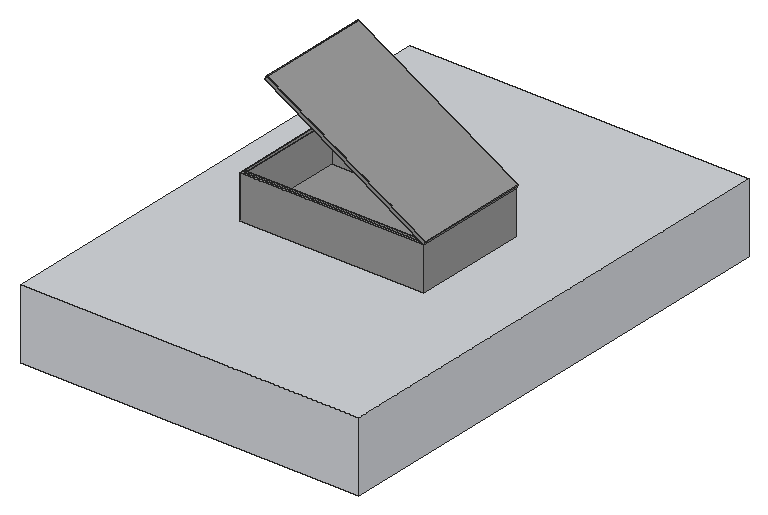
Revit family "Hager-Univers-IP44-D205-H500-Cl.II-Encl-AT-de", category Equipement électrique, Revit 2020
Family settings
  Hôte = Face
  Configuration du panneau = Deux colonnes, circuits au sein
  Cote de connecteur circulaire = Utiliser le diamètre
  Type d'élément = Tableau de raccordement
  Couper avec des vides une fois chargée = Non
  Partagée = Non
  Point de calcul de pièce = Non
Parameters (values of type "Aufputz IP44 B800 H500 T205  - FP33SN2")
  Width Control [instance] = if([EF000008 - Breite] > Min Width, [EF000008 - Breite], Min Width)  # 800 mm
  Commentaires du type = [HG000003 - Bereich]  # "Univers"
  Thickness Door [instance] = if([EF009171 - Materialstärke Tür/Deckel] > 3 mm, 3 mm, [EF009171 - Materialstärke Tür/Deckel])  # 1 mm
  Seal Frame Offset [instance] = 17 mm  # constant formula
  Plinth Visibility [instance] = [HG000027 - Sockelhöhe] > 0 mm  # no
  Model = ""
  Min Width [instance] = 100 mm  # constant formula
  Min Height [instance] = 100 mm  # constant formula
  Min Depth [instance] = (2 * [EF009170 - Materialstärke Gehäuse]) + 1 mm  # 3 mm
  Internal Frame Depth [instance] = (Door System Depth * 0.5)  # 9 mm
  Height Control [instance] = if([EF000040 - Höhe] > Min Height, [EF000040 - Höhe], Min Height)  # 500 mm
  HG000027 - Sockelhöhe = 0 mm
  HG000026 - Stehend auf dem Boden = no
  HG000024 - Höhe des unteren Teils = 800 mm
  HG000023 - Gehäuse mit doppeltem Querschnitt = no
  HG000016 - 3D-Türsichtbarkeit [instance] = yes
  HG000015 - Sichtbarkeit der Türöffnung [instance] = no
  HG000014 - Tür rechts [instance] = yes
  HG000013 - Tür links [instance] = not([HG000014 - Tür rechts])  # no
  HG000012 - Türschwenkwinkel [instance] = 30.00°
  HG000010 - Asymmetrische Türen = no
  HG000009 - Doppelflügeligen Tür = no
  HG000006 - Unterputz = no
  HG000004 - Herstellerreferenz = "FP33SN2"
  HG000003 - Bereich = "Univers"
  HG000002 - Mit tür = yes
  Frame Offset Bottom [instance] = 10 mm  # constant formula
  Frame Offset [instance] = 15 mm  # constant formula
  EF015940 - Deckel mit Überdruckentlastung = no
  EF011959 - Schutzart (NEMA) = ""
  EF009554 - Anzahl der Öffnungen für Flanschplatten = 6
  Fabricant = "Hager"  # constant formula
  EF009212 - Ausführung Deckel = "EV000116 - geschlossen"
  EF009171 - Materialstärke Tür/Deckel = 1 mm
  EF009170 - Materialstärke Gehäuse = 1 mm
  EF008873 - Nennstrom (In) = 250 A
  EF007800 - Geeignet für Blitzschutz = no
  EF006306 - Mit Schloss = no
  EF006244 - Transparenter Deckel/Tür = no
  EF005474 - Schutzart (IP) = "EV006418 - IP44"
  EF004464 - Art der Tür = "EV002646 - Einzel"
  EF004427 - Anzahl der Module = 108
  EF004293 - Schlagfestigkeit = "EV006815 - IK09"
  EF003532 - Geeignet für Außengebrauch = no
  EF002950 - Breite in Teilungseinheiten = 36
  EF001613 - Funktionserhalt = "EV000494 - ohne"
  EF001596 - Werkstoff des Gehäuses = "EV000179 - Stahl"
  EF001131 - Innentiefe = 143 mm
  EF001088 - Anbaumöglichkeit = yes
  EF000437 - Anzahl der Leitungseinführungen = 6
  EF000339 - Art der Abdeckung = "EV001012 - Deckel"
  EF000266 - Anzahl der Reihen = 3
  EF000218 - Einbautiefe = 205 mm
  EF000118 - Mit Montageplatte = no
  EF000116 - RAL-Nummer = "9010"
  EF000049 - Tiefe = 205 mm
  EF000040 - Höhe = 500 mm
  EF000008 - Breite = 800 mm
  EF000007 - Farbe = "EV000202 - weiß"
  EF000003 - Montageart = "EV000384 - Aufputz"
  Door System Leaf Tolerance [instance] = 1.5 mm  # constant formula
  Door System Depth [instance] = 18 mm  # constant formula
  Door Height [instance] = Height Control - [HG000027 - Sockelhöhe]  # 500 mm
  Depth Control [instance] = if([EF000049 - Tiefe] > Min Depth, [EF000049 - Tiefe], Min Depth)  # 205 mm
  Default Elevation = 0 mm
  Connector Offset [instance] = Height Control / 2  # 250 mm
  Bottom Top Plate Trim [instance] = 1.5 mm  # constant formula
  Plinth height Ctrl [instance] = if([HG000027 - Sockelhöhe] > 0 mm, [HG000027 - Sockelhöhe], 12 mm)  # 12 mm
Types (5, lengths in mm): name | Width Control | HG000010 - Asymmetrische Türen | HG000009 - Doppelflügeligen Tür | HG000004 - Herstellerreferenz | EF009554 - Anzahl der Öffnungen für Flanschplatten | EF004464 - Art der Tür | EF004427 - Anzahl der Module | EF002950 - Breite in Teilungseinheiten | EF000437 - Anzahl der Leitungseinführungen | EF000008 - Breite
  Aufputz IP44 B1050 H500 T205  - FP34SN2 | 1050 | no | yes | "FP34SN2" | 8 | "EV003602 - Doppel" | 144 | 48 | 8 | 1050
  Aufputz IP44 B1300 H500 T205  - FP35SN2 | 1300 | yes | yes | "FP35SN2" | 10 | "EV003602 - Doppel" | 180 | 60 | 10 | 1300
  Aufputz IP44 B300 H500 T205  - FP31SN2 | 300 | no | no | "FP31SN2" | 2 | "EV002646 - Einzel" | 36 | 12 | 2 | 300
  Aufputz IP44 B550 H500 T205  - FP32SN2 | 550 | no | no | "FP32SN2" | 4 | "EV002646 - Einzel" | 72 | 24 | 4 | 550
  Aufputz IP44 B800 H500 T205  - FP33SN2 | 800 | no | no | "FP33SN2" | 6 | "EV002646 - Einzel" | 108 | 36 | 6 | 800
Reference planes
  plane 1 "Center (Front/Back)": y = 0
  plane 2: z = 0
  plane 3 "Center (Left/Right)": x = 0
  plane 4: z = 205
  plane 5: y = 1
  plane 6: y = 250
  plane 7: y = 0
  plane 8: y = 500
  plane 9: z = 0
  plane 10: x = -385
  plane 11: x = 385
  plane 12: x = 384
  plane 13: x = -384
  plane 14: y = 499
  plane 15: x = -383
  plane 16: x = -400
  plane 17: x = 383
  plane 18: x = 400
  plane 19: x = 399
  plane 20: x = -399
  plane 21: y = 11
  plane 22: y = 500
  plane 23: y = 484
  plane 24: z = 187
  plane 25: z = 1
  plane 26: z = 186
  plane 27: z = 204
Forms (mm)
  Extrusion 1, solid
    sketch origin (0, 0, 0) x (1, 0, 0) y (0, 1, 0)
      loop
        line (-702.964, 1305) -> (-702.964, -811.445) -> (766.763, -811.445) -> (766.763, 1305) -> (-702.964, 1305)
    from 0 to -304.8
  Extrusion 2, solid, material "Hager_Steel_RAL7035_Light_Grey", visible <- "Plinth Visibility", detail levels medium+fine
    sketch origin (0, 0, 0) x (1, 0, 0) y (0, 1, 0)
      loop
        line (-400, 0) -> (400, 0) -> (400, 12) -> (-400, 12) -> (-400, 0)
    from 0 to 187
  Extrusion 3, solid, material "Hager_Steel_RAL7035_Light_Grey", detail levels medium+fine
    sketch origin (0, 0, 0) x (1, 0, 0) y (0, 1, 0)
      loop
        line (-400, 0) -> (400, 0) -> (400, 500) -> (-400, 500) -> (-400, 0)
    from 0 to 187
  Extrusion 4, void
    sketch origin (0, 0, 0) x (1, 0, 0) y (0, 1, 0)
      loop
        line (-399, 1) -> (399, 1) -> (399, 499) -> (-399, 499) -> (-399, 1)
    from 1 to 186
  Extrusion 5, void
    sketch origin (-381.607, -4572, 187) x (0, -1, 0) y (-1, 0, 0)
      loop
        line (-4583, 2.393) -> (-5056, 2.393) -> (-5056, -765.607) -> (-4583, -765.607) -> (-4583, 2.393)
    from 0 to 1 <- "EF009170 - Materialstärke Gehäuse"
  Extrusion 6, solid, material "Hager_Steel_RAL7035_Light_Grey", detail levels fine
    sketch origin (0, 0, 187) x (1, 0, 0) y (0, 1, 0)
      loop
        line (-384, 484) -> (-384, 11) -> (384, 11) -> (384, 484) -> (-384, 484)
      loop
        line (-385, 10) -> (385, 10) -> (385, 485) -> (-385, 485) -> (-385, 10)
    from 0 to 9 <- "Internal Frame Depth"
  Extrusion 7, solid, material "Hager_Steel_RAL7035_Light_Grey", detail levels coarse
    sketch origin (0, 0, 0) x (1, 0, 0) y (0, 1, 0)
      loop
        line (-400, 0) -> (400, 0) -> (400, 500) -> (-400, 500) -> (-400, 0)
    from 0 to 205
  Sweep 8, void
    path in 3D
      loop
        line (-400, 12, 0) -> (400, 12, 0) -> (400, 12, 187) -> (-400, 12, 187) -> (-400, 12, 0)
    profile origin (-400, 12, 93.5) x (-1, 0, 0) y (0, -1, 0)
      loop
        line (0, 0) -> (0, 1.5) -> (-1.5, 1.5)
        arc (-1.5, 1.5) -> (-1.061, 0.439) -> (0, 0) r 1.5
Cuts and joins
  Extrusion 4, Extrusion 5 cuts Extrusion 3
  Sweep 8 cuts Extrusion 2
Lines and regions (mm)
  Masking region 1
    outline origin (0, 0, 0) x (1, 0, 0) y (0, 0, 1)
      loop
        line (-400, 205) -> (-400, 0) -> (400, 0) -> (400, 205) -> (-400, 205)
  Masking region 2, detail levels medium+fine
    outline origin (0, 140, 0) x (0, 1, 0) y (0, 0, 1)
      loop
        line (-140, 0) -> (360, 0) -> (360, 187) -> (-140, 187) -> (-140, 0)
  Masking region 3, not visible, detail levels medium+fine
    outline origin (0, 297.922, 0) x (0, 1, 0) y (0, 0, 1)
      loop
        line (-36.422, 0) -> (3.578, 0) -> (3.578, 194)
        arc (3.578, 194) -> (0.649, 201.071) -> (-6.422, 204) r 10
        line (-6.422, 204) -> (-36.422, 204) -> (-36.422, 0)
  Masking region 4, detail levels coarse
    outline origin (0, 0, 180) x (0, 1, 0) y (0, 0, 1)
      loop
        line (0, -180) -> (500, -180) -> (500, 25) -> (0, 25) -> (0, -180)
  Masking region 5, visible <- "Plinth Visibility", detail levels medium+fine
    outline origin (0, 52.24, 12.345) x (0, 0, -1) y (0, 1, 0)
      loop
        line (10.845, -40.24) -> (-173.155, -40.24)
        arc (-173.155, -40.24) -> (-173.594, -41.301) -> (-174.655, -41.74) r 1.5
        line (-174.655, -41.74) -> (-174.655, -52.24) -> (12.345, -52.24) -> (12.345, -41.74)
        arc (12.345, -41.74) -> (11.285, -41.301) -> (10.845, -40.24) r 1.5
  Masking region 6, detail levels medium+fine
    outline origin (-381.607, -4572, 187) x (-1, 0, 0) y (0, -1, 0)
      loop
        line (18.393, -5072) -> (18.393, -4572) -> (-781.607, -4572) -> (-781.607, -5072) -> (18.393, -5072)
  Masking region 7, visible <- "Plinth Visibility", detail levels medium+fine
    outline origin (-381.607, -4727, 187) x (-1, 0, 0) y (0, -1, 0)
      loop
        arc (16.893, -4739) -> (17.332, -4737.939) -> (18.393, -4737.5) r 1.5
        line (18.393, -4737.5) -> (18.393, -4727) -> (-781.607, -4727) -> (-781.607, -4737.5)
        arc (-781.607, -4737.5) -> (-780.546, -4737.939) -> (-780.107, -4739) r 1.5
        line (-780.107, -4739) -> (16.893, -4739)
  Masking region 8, detail levels coarse
    outline origin (-442.548, -4669.526, 187) x (-1, 0, 0) y (0, -1, 0)
      loop
        line (-42.548, -5169.526) -> (-42.548, -4669.526) -> (-842.548, -4669.526) -> (-842.548, -5169.526) -> (-42.548, -5169.526)
  sketch lines
    curve 1: line (-400, 12, 187) -> (-400, 12, 0)
    curve 2: line (400, 12, 187) -> (-400, 12, 187)
    curve 3: line (400, 12, 187) -> (400, 12, 0)
    curve 4: line (-400, 12, 0) -> (400, 12, 0)
Dimensions and locks
  "Depth Control": plane 4 to Extrusion 1
  "HG000027 - Sockelhöhe": plane 1 "Center (Front/Back)" to plane 7
  "EF009170 - Materialstärke Gehäuse": plane 5 to plane 7
  locked: connector elem to plane 3 "Center (Left/Right)"
  equal spacing: plane 8, plane 6, plane 7
  locked: connector elem to plane 6
  "EF009170 - Materialstärke Gehäuse": plane 8 to plane 14
  "EF009170 - Materialstärke Gehäuse": plane 10 to plane 13
  "EF009170 - Materialstärke Gehäuse": plane 12 to plane 11
  "Frame Offset": plane 20 to plane 13
  "Frame Offset": plane 12 to plane 19
  "EF009170 - Materialstärke Gehäuse": plane 16 to plane 20
  "EF009170 - Materialstärke Gehäuse": plane 19 to plane 18
  "Seal Frame Offset": plane 16 to plane 15
  "Seal Frame Offset": plane 17 to plane 18
  "Frame Offset Bottom": plane 21 to plane 5
  "Frame Offset": plane 14 to plane 23
  equal spacing: plane 16, plane 3 "Center (Left/Right)", plane 18
  "Width Control": plane 16 to plane 18
  "EF009170 - Materialstärke Gehäuse": plane 4 to plane 27
  "EF009170 - Materialstärke Gehäuse": plane 24 to plane 26
  "EF009170 - Materialstärke Gehäuse": plane 25 to level
  "Door System Depth": plane 4 to plane 24
  "Height Control": plane 1 "Center (Front/Back)" to Extrusion 7 sketch curve
  "Height Control": Masking region 4 sketch curve to plane 1 "Center (Front/Back)"
  "Height Control": plane 1 "Center (Front/Back)" to plane 22
  "Bottom Top Plate Trim": profile plane to Sweep 8 sketch curve
  "Bottom Top Plate Trim": Sweep 8 sketch curve to profile plane
  "Plinth height Ctrl": plane 1 "Center (Front/Back)" to Extrusion 2 sketch curve
  "Plinth height Ctrl": Masking region 5 sketch curve to plane 1 "Center (Front/Back)"
  "Plinth height Ctrl": plane 1 "Center (Front/Back)" to Masking region 7 sketch curve
  "Thickness Door": Extrusion 6 sketch curve to Extrusion 6 sketch curve  (x3)
  "Thickness Door": cut or joined group of Extrusion 3, Extrusion 4, Extrusion 5 to Extrusion 6 sketch curve
  radius of Masking region 3 sketch curve = 10 mm
  "Bottom Top Plate Trim": radius of Masking region 5 sketch curve  (x2)
  "Bottom Top Plate Trim": radius of Sweep 8 sketch curve
  "Bottom Top Plate Trim": radius of Masking region 7 sketch curve  (x2)
  aligned and locked: plane 2 to Extrusion 1
  aligned and locked: level to Extrusion 1
  aligned and locked: level to Masking region 1 sketch curve
  aligned and locked: Masking region 1 sketch curve to plane 18
  aligned and locked: Masking region 1 sketch curve to plane 16
  aligned and locked: plane 7 to Masking region 2 sketch curve
  aligned and locked: level to Masking region 3 sketch curve
  aligned and locked: Masking region 3 sketch curve to plane 27
  aligned and locked: level to Masking region 2 sketch curve
  aligned and locked: plane 1 "Center (Front/Back)" to Extrusion 2 sketch curve
  aligned and locked: Extrusion 3 sketch curve to plane 7
  aligned and locked: plane 16 to Extrusion 3 sketch curve
  aligned and locked: plane 18 to Extrusion 3 sketch curve
  aligned and locked: plane 20 to Extrusion 4 sketch curve
  aligned and locked: plane 19 to Extrusion 4 sketch curve
  aligned and locked: Extrusion 4 sketch curve to plane 5
  aligned and locked: Extrusion 4 to plane 25
  aligned and locked: plane 26 to Extrusion 4
  aligned and locked: plane 24 to Extrusion 3
  aligned and locked: Extrusion 5 sketch curve to plane 21
  aligned and locked: Extrusion 5 sketch curve to plane 13
  aligned and locked: Extrusion 5 sketch curve to plane 12
  aligned and locked: plane 18 to Extrusion 7 sketch curve
  aligned and locked: plane 1 "Center (Front/Back)" to Extrusion 7 sketch curve
  aligned and locked: plane 16 to Extrusion 7 sketch curve
  aligned and locked: plane 4 to Extrusion 7
  aligned and locked: Extrusion 7 to level
  aligned and locked: level to Masking region 4 sketch curve
  aligned and locked: Masking region 4 sketch curve to plane 1 "Center (Front/Back)"
  aligned and locked: Masking region 4 sketch curve to plane 4
  aligned and locked: nested 1 to level
  aligned and locked: nested 1 to plane 16
  aligned and locked: plane 8 to Extrusion 3 sketch curve
  aligned and locked: plane 23 to Extrusion 5 sketch curve
  aligned and locked: plane 14 to Extrusion 4 sketch curve
  aligned and locked: Masking region 2 sketch curve to plane 8
  aligned and locked: level to Masking region 5 sketch curve
  aligned and locked: plane 16 to Extrusion 2 sketch curve
  aligned and locked: plane 18 to Extrusion 2 sketch curve
  aligned and locked: Masking region 5 sketch curve to plane 24
  aligned and locked: Masking region 2 sketch curve to plane 24
  aligned and locked: plane 24 to Extrusion 2
  aligned and locked: profile plane to Sweep 8 sketch curve  (x2)
  aligned and locked: Masking region 6 sketch curve to plane 18
  aligned and locked: Masking region 6 sketch curve to plane 22
  aligned and locked: Masking region 6 sketch curve to plane 16
  aligned and locked: plane 8 to plane 22
  aligned and locked: Masking region 6 sketch curve to plane 7
  aligned and locked: Masking region 7 sketch curve to plane 16
  aligned and locked: Masking region 7 sketch curve to plane 1 "Center (Front/Back)"
  aligned and locked: Masking region 7 sketch curve to plane 18
  aligned and locked: Masking region 8 sketch curve to plane 1 "Center (Front/Back)"
  aligned and locked: Masking region 8 sketch curve to plane 18
  aligned and locked: Masking region 8 sketch curve to plane 22
  aligned and locked: Masking region 8 sketch curve to plane 16
  aligned and locked: nested 2 to plane 7
  aligned and locked: plane 3 "Center (Left/Right)" to nested 2
  aligned and locked: nested 2 to plane 24
  aligned and locked: Extrusion 6 sketch curve to cut or joined group of Extrusion 3, Extrusion 4, Extrusion 5  (x4)
Automatic sketch dimensions
  Extrusion 1 sketch curve to Extrusion 1 sketch curve = 1469.727 mm
  Extrusion 1 sketch curve to Extrusion 1 sketch curve = 2116.445 mm
  Masking region 1 sketch curve to plane 4 = 0 mm
  plane 6 to Masking region 3 sketch curve = 11.5 mm
  Masking region 3 sketch curve to Masking region 3 sketch curve = 30 mm
  Masking region 5 sketch curve to plane 1 "Center (Front/Back)" = 0 mm
Nested families
  nested 1: "Hager_Enclosure_Symbol" at (-400, 0, 0) x (1, 0, 0) z (0, -1, 0), Height <- "Depth Control", Width <- "Width Control", type "Hager_Enclosure_Symbol"
    with Width_Ctrl 800 mm, Width 800 mm, Height_Ctrl 205 mm, Height 205 mm, A_Width_Int 13.453 mm, A_Width 161.438 mm, A_Height_Ctrl 179.375 mm, A_Height 179.375 mm
  nested 2: "EC000058_Univers_Door" at (0, 0, 187) x (1, 0, 0) z (0, 1, 0), Leaf_Tolerance <- "Door System Leaf Tolerance", Angle <- "HG000012 - Türschwenkwinkel", Door_Depth <- "Door System Depth", Door_Left <- "HG000013 - Tür links", Transparent <- "EF006244 - Transparenter Deckel/Tür", Assymetrical <- "HG000010 - Asymmetrische Türen", Width <- "Width Control", Clearance <- "HG000015 - Sichtbarkeit der Türöffnung", Double <- "HG000009 - Doppelflügeligen Tür", 3d_Door <- "HG000016 - 3D-Türsichtbarkeit", Lock_Visibility <- "EF006306 - Mit Schloss", Width_Ctrl <- "Width Control", Door_Right <- "HG000014 - Tür rechts", Door <- "HG000002 - Mit tür", Height <- "Door Height", Thickness <- "Thickness Door", type "EC000058_Univers_Door", detail levels medium+fine
    with min_wh 3 mm, Width_Ctrl 800 mm, Width 800 mm, Transparent no, Thickness 1 mm, Seal_Material Hager_Rubber, Lock_Visibility no, Lock_Material Hager_Plastic_RAL9005_Jet_Black, Leaf_Width 800 mm, Leaf_Tolerance_External_Sides 0 mm, Leaf_Tolerance 1.5 mm, Leaf_Offset 0 mm, Leaf_Height 497 mm, Leaf_2_Width 800 mm, Leaf_2_Offset 400 mm, Leaf_1_Width 800 mm, Leaf_1_Offset 400 mm, Height_Ctrl 500 mm, Height 500 mm, Glass_Material Hager_Glass, Double_Clearance_Ctrl no, Double no, Door_Right_Ctrl yes, Door_Right yes, Door_Material Hager_Steel_RAL7035_Light_Grey, Door_Left_Ctrl no, Door_Left no, Door_Depth 18 mm, Door yes, Clearance_Material Hager_Clearance, Clearance_Depth 800 mm, Clearance_Ctrl no, Clearance no, Assymetrical no, Angle 30.00°, 3d_Door yes
Connectors
  electrical at (0, 250, 0)
    settings: on plane 9, index 1, voltage 0 V, apparent load 0 VA, apparent load phase1 0 VA, apparent load phase2 0 VA, apparent load phase3 0 VA, power factor 1, load classification "Other", number of poles 1, system type 30, power factor state 1, is connector primary yes, connector utility no, sub classification motor no, connector description ""
Definition of nested family "EC000058_Univers_Door"
  Parameters (values of type "EC000058_Univers_Door")
    min_wh [instance] = (2 * Thickness) + 1 mm  # 11 mm
    Width_Ctrl [instance] = 400 mm
    Width [instance] = 500 mm
    Transparent [instance] = yes
    Thickness [instance] = 5 mm
    Seal_Material [instance] = none
    Lock_Visibility [instance] = yes
    Lock_Material [instance] = none
    Leaf_Width [instance] = if((Width_Ctrl - 2 * Leaf_Tolerance_External_Sides) > 0 mm, (Width_Ctrl - 2 * Leaf_Tolerance_External_Sides), min_wh)  # 400 mm
    Leaf_Tolerance_External_Sides [instance] = 0 mm  # constant formula
    Leaf_Tolerance [instance] = 1.5 mm
    Leaf_Offset [instance] = 0 mm  # constant formula
    Leaf_Height [instance] = if((Height_Ctrl - 2 * Leaf_Tolerance) > 0 mm, (Height_Ctrl - 2 * Leaf_Tolerance), min_wh)  # 497 mm
    Leaf_2_Width [instance] = if(and(and(Double, Assymetrical), Door_Left), (Leaf_Width / 3) - (Leaf_Tolerance / 2), if(and(and(Double, Assymetrical), Door_Right), (Leaf_Width / 3) * 2 - (Leaf_Tolerance / 2), if(and(Double, not(Assymetrical)), (Leaf_Width / 2) - Leaf_Tolerance, Leaf_Width)))  # 400 mm
    Leaf_2_Offset [instance] = if(and(Double, Assymetrical), Leaf_2_Width / 2, if(and(Double, not(Assymetrical)), Leaf_Width / 4, Leaf_Width / 2))  # 200 mm
    Leaf_1_Width [instance] = if(and(and(Double, Assymetrical), Door_Right), (Leaf_Width / 3) - (Leaf_Tolerance / 2), if(and(and(Double, Assymetrical), Door_Left), (Width / 3) * 2 - (Leaf_Tolerance / 2), if(and(Double, not(Assymetrical)), (Leaf_Width / 2) - Leaf_Tolerance, Leaf_Width)))  # 400 mm
    Leaf_1_Offset [instance] = if(and(Double, Assymetrical), Leaf_1_Width / 2, if(and(Double, not(Assymetrical)), Leaf_Width / 4, Leaf_Width / 2))  # 200 mm
    Height_Ctrl [instance] = if(Height > min_wh, Height, min_wh)  # 500 mm
    Height [instance] = 500 mm
    Glass_Material [instance] = none
    Double_Clearance_Ctrl [instance] = and(Double, Clearance)  # no
    Double [instance] = no
    Door_Right_Ctrl [instance] = and(or(Door_Right, Double), Door)  # yes
    Door_Right [instance] = yes
    Door_Material [instance] = none
    Door_Left_Ctrl [instance] = and(or(Door_Left, Double), Door)  # no
    Door_Left [instance] = no
    Door_Depth [instance] = 30 mm
    Door [instance] = yes
    Default Elevation = 1219.2 mm
    Clearance_Material [instance] = none
    Clearance_Depth [instance] = if(Leaf_1_Width > Leaf_2_Width, Leaf_1_Width, Leaf_2_Width)  # 400 mm
    Clearance_Ctrl [instance] = and(not(Double), Clearance)  # yes
    Clearance [instance] = yes
    Assymetrical [instance] = yes
    Angle [instance] = 30.00°
    3d_Door [instance] = yes
  Reference planes
    plane 1 "Center (Front/Back)": y = 0
    plane 2 "Bottom": z = 0
    plane 3 "Center (Left/Right)": x = 0
    plane 4: z = 500
    plane 5: x = -200
    plane 6: x = 200
    plane 7: z = 500
    plane 8: x = -200
    plane 9: z = 0
    plane 10: x = 200
    plane 11: y = 0
    plane 12: z = 1.5
    plane 13: x = -600
    plane 14: y = -400
    plane 15: x = 600
    plane 16: x = 0
    plane 17: x = 0
    plane 18: x = -200
    plane 19: x = 200
    plane 20: z = 498.5
  Forms (mm)
    Extrusion 1, solid, material <- "Clearance_Material", visible <- "Double_Clearance_Ctrl"
      sketch origin (1200, 0, 0) x (1, 0, 0) y (0, 0, -1)
        loop
          line (-1800, -498.5) -> (-600, -498.5) -> (-600, 0) -> (-1800, 0) -> (-1800, -498.5)
      from 0 to -400
  Dimensions and locks
    equal spacing: plane 5, plane 3 "Center (Left/Right)", plane 6
    "Width_Ctrl": plane 5 to plane 6
    "Leaf_Offset": plane 5 to plane 8
    "Leaf_Offset": plane 6 to plane 10
    "Leaf_Offset": plane 9 to level
    "Leaf_Offset": plane 4 to plane 7
    "Height_Ctrl": plane 4 to level
    "Leaf_Tolerance": plane 12 to plane 9
    locked: plane 11 to plane 1 "Center (Front/Back)"
    "Leaf_1_Offset": plane 18 to plane 16
    "Leaf_2_Offset": plane 17 to plane 19
    "Leaf_1_Width": plane 13 to plane 8
    "Leaf_2_Width": plane 10 to plane 15
    "Clearance_Depth": plane 14 to plane 1 "Center (Front/Back)"
    "Leaf_Tolerance_External_Sides": plane 8 to plane 18
    "Leaf_Tolerance_External_Sides": plane 19 to plane 10
    "Leaf_Tolerance": plane 7 to plane 20
    aligned and locked: level to plane 2 "Bottom"
    aligned and locked: nested 1 to plane 16
    aligned and locked: nested 2 to plane 17
    aligned and locked: Extrusion 1 to plane 13
    aligned and locked: plane 15 to Extrusion 1
    aligned and locked: Extrusion 1 to plane 14
    aligned and locked: plane 12 to nested 1
    aligned and locked: nested 2 to plane 12
    aligned and locked: Extrusion 1 to plane 11
    aligned and locked: plane 20 to Extrusion 1
    aligned and locked: nested 2 to plane 11
    aligned and locked: nested 1 to plane 11
  Automatic sketch dimensions
    Extrusion 1 sketch curve to level = 0 mm
    plane 5 to Extrusion 1 sketch curve = 400 mm
    plane 6 to Extrusion 1 sketch curve = 400 mm
    Extrusion 1 sketch curve to plane 4 = 1.5 mm
  Nested families
    nested 1: "EC000058_Univers_Door_Leaf" at (0, 0, 1.5), Width <- "Leaf_1_Width", visible <- "Door_Left_Ctrl", Leaf_Height <- "Leaf_Height", Angle <- "Angle", 3d_Door <- "3d_Door", Transparent <- "Transparent", Clearance Material <- "Clearance_Material", Clearance <- "Clearance_Ctrl", Door_Material <- "Door_Material", Glass_Material <- "Glass_Material", Door_Depth <- "Door_Depth", Lock_Material <- "Lock_Material", Seal_Material <- "Seal_Material", Lock_Visibility <- "Lock_Visibility", Thickness <- "Thickness", type "EC000058_Univers_Door_Leaf"
      with Width 400 mm, Transparent_Glass_Offset 30 mm, Transparent_Ctrl yes, Transparent yes, Thickness 5 mm, Standard no, Seal_Material none, Seal_D2 8 mm, Seal_D1 1 mm, Offset_Internal_Frame 10 mm, Lock_Width 20 mm, Lock_Visibility_3d yes, Lock_Visibility yes, Lock_Thickness_3 3 mm, Lock_Thickness_2 1 mm, Lock_Thickness_1 3 mm, Lock_Radius_Offset_2 16 mm, Lock_Radius_Offset_1 15 mm, Lock_Radius_2 5 mm, Lock_Radius 6 mm, Lock_Offset 5 mm, Lock_Material none, Lock_Height 80 mm, Lock_Cover_Top_Offset_2d 17 mm, Lock_Cover_Height -65 mm, Leaf_Height 497 mm, Internal_Seal_Thickness 8 mm, Internal_Seal_Depth_2 4.5 mm, Internal_Frame_Depth 25 mm, Glass_Thickness -1 mm, Glass_Offset -2 mm, Glass_Material none, Door_Material none, Door_Depth 30 mm, Clearance Material none, Clearance yes, Angle_Ctrl 30.00°, Angle 30.00°, 3d_Door yes
    nested 2: "EC000058_Univers_Door_Leaf" at (0, 0, 1.5) x (-1, 0, 0) z (0, 0, 1), Width <- "Leaf_2_Width", visible <- "Door_Right_Ctrl", Leaf_Height <- "Leaf_Height", Angle <- "Angle", 3d_Door <- "3d_Door", Transparent <- "Transparent", Clearance Material <- "Clearance_Material", Clearance <- "Clearance_Ctrl", Door_Material <- "Door_Material", Glass_Material <- "Glass_Material", Door_Depth <- "Door_Depth", Lock_Material <- "Lock_Material", Seal_Material <- "Seal_Material", Lock_Visibility <- "Lock_Visibility", Thickness <- "Thickness", type "EC000058_Univers_Door_Leaf"
      with Width 400 mm, Transparent_Glass_Offset 30 mm, Transparent_Ctrl yes, Transparent yes, Thickness 5 mm, Standard no, Seal_Material none, Seal_D2 8 mm, Seal_D1 1 mm, Offset_Internal_Frame 10 mm, Lock_Width 20 mm, Lock_Visibility_3d yes, Lock_Visibility yes, Lock_Thickness_3 3 mm, Lock_Thickness_2 1 mm, Lock_Thickness_1 3 mm, Lock_Radius_Offset_2 16 mm, Lock_Radius_Offset_1 15 mm, Lock_Radius_2 5 mm, Lock_Radius 6 mm, Lock_Offset 5 mm, Lock_Material none, Lock_Height 80 mm, Lock_Cover_Top_Offset_2d 17 mm, Lock_Cover_Height -65 mm, Leaf_Height 497 mm, Internal_Seal_Thickness 8 mm, Internal_Seal_Depth_2 4.5 mm, Internal_Frame_Depth 25 mm, Glass_Thickness -1 mm, Glass_Offset -2 mm, Glass_Material none, Door_Material none, Door_Depth 30 mm, Clearance Material none, Clearance yes, Angle_Ctrl 30.00°, Angle 30.00°, 3d_Door yes
  Definition of nested family "EC000058_Univers_Door_Leaf"
    Parameters (values of type "EC000058_Univers_Door_Leaf")
      Width [instance] = 2000 mm
      Transparent_Glass_Offset [instance] = 30 mm
      Transparent_Ctrl [instance] = and(Transparent, [3d_Door])  # yes
      Transparent [instance] = yes
      Thickness [instance] = 5 mm
      Standard [instance] = and(not(Transparent), [3d_Door])  # no
      Seal_Material [instance] = none
      Seal_D2 [instance] = 8 mm  # constant formula
      Seal_D1 [instance] = 1 mm  # constant formula
      Offset_Internal_Frame [instance] = 10 mm  # constant formula
      Lock_Width [instance] = 20 mm  # constant formula
      Lock_Visibility_3d [instance] = and(Lock_Visibility, [3d_Door])  # yes
      Lock_Visibility [instance] = yes
      Lock_Thickness_3 [instance] = 3 mm  # constant formula
      Lock_Thickness_2 [instance] = 1 mm  # constant formula
      Lock_Thickness_1 [instance] = 3 mm  # constant formula
      Lock_Radius_Offset_2 [instance] = Lock_Radius_Offset_1 + 1 mm  # 16 mm
      Lock_Radius_Offset_1 [instance] = 15 mm  # constant formula
      Lock_Radius_2 [instance] = Lock_Radius - 1 mm  # 5 mm
      Lock_Radius [instance] = 6 mm  # constant formula
      Lock_Offset [instance] = 5 mm  # constant formula
      Lock_Material [instance] = none
      Lock_Height [instance] = 80 mm  # constant formula
      Lock_Cover_Top_Offset_2d [instance] = Lock_Radius_Offset_2 + 1 mm  # 17 mm
      Lock_Cover_Height [instance] = -(Lock_Height - Lock_Radius_Offset_1)  # -65 mm
      Leaf_Height [instance] = 2720.336 mm
      Internal_Seal_Thickness [instance] = 8 mm  # constant formula
      Internal_Seal_Depth_2 [instance] = 4.5 mm  # constant formula
      Internal_Frame_Depth [instance] = if(Door_Depth - Thickness > 5 mm, Door_Depth - Thickness, 5 mm)  # 25 mm
      Glass_Thickness [instance] = if(Thickness > 15 mm, Glass_Offset + 10 mm, -1 mm)  # -1 mm
      Glass_Offset [instance] = if(Thickness > 15 mm, -(Thickness + 10 mm) / 2, -2 mm)  # -2 mm
      Glass_Material [instance] = none
      Door_Material [instance] = none
      Door_Depth [instance] = 30 mm
      Default Elevation = 0 mm
      Clearance Material [instance] = none
      Clearance [instance] = yes
      Angle_Ctrl [instance] = if(Angle > 180.00°, 180.00°, Angle)  # 90.00°
      Angle [instance] = 90.00°
      3d_Door [instance] = yes
    Reference planes
      plane 1 "Center (Front/Back)": y = 0
      plane 2: z = 0
      plane 3 "Center (Left/Right)": x = 0
      plane 4: y = 2000
      plane 5: x = -1000
      plane 6: x = 1000
      plane 7: x = -3000
      plane 8: z = 2720.336
      plane 9: z = 30
      plane 10: z = 2690.336
      plane 11: x = 970
      plane 12: x = -970
      plane 13: y = -3
      plane 14: z = 107.833
      plane 15: y = -5
      plane 16: y = -223.314
      plane 17: x = -1000
      plane 18: z = 1360.168
      plane 19: y = 30
    Forms (mm)
      Extrusion 1, solid, material <- "Clearance Material", visible <- "Clearance"
        sketch origin (0, 0, 0) x (1, 0, 0) y (0, 0, 1)
          loop
            line (-3000, 2720.336) -> (-3000, 0) -> (1000, 0) -> (1000, 2720.336) -> (-3000, 2720.336)
        from 0 to -2000
      Extrusion 2, solid, material <- "Door_Material", visible <- "Standard", detail levels medium+fine
        sketch origin (-1000, 0, 0) x (0, 1, 0) y (-1, 0, 0)
          loop
            line (0, 30) -> (0, 25) -> (2000, 25) -> (2000, 30) -> (0, 30)
        from 0 to 2720.336 <- "Leaf_Height"
      Extrusion 3, solid, material <- "Door_Material", visible <- "Transparent_Ctrl", detail levels medium+fine
        sketch origin (-1000, 0, 0) x (0, 1, 0) y (-1, 0, 0)
          loop
            line (0, 25) -> (2000, 25) -> (2000, 30) -> (0, 30) -> (0, 25)
        from 0 to 2720.336 <- "Leaf_Height"
      Extrusion 4, void
        sketch origin (-1025, 2000, 0) x (0, 1, 0) y (0, 0, -1)
          loop
            line (-30, -2690.336) -> (-30, -30) -> (-1970, -30) -> (-1970, -2690.336) -> (-30, -2690.336)
        from 0 to 5 <- "Thickness"
      Sweep 5, solid, material <- "Seal_Material", visible <- "Transparent_Ctrl", detail levels fine
        path in 3D
          loop
            line (-1025, 30, 30) -> (-1025, 30, 2690.336) -> (-1025, 1970, 2690.336) -> (-1025, 1970, 30) -> (-1025, 30, 30)
        profile origin (-1025, 1000, 30) x (1, 0, 0) y (0, 0, 1)
          loop
            line (0, 0) -> (0, -8) -> (1, -8) -> (1, 0) -> (0, 0)
      Extrusion 6, solid, material <- "Glass_Material", visible <- "Transparent_Ctrl", detail levels medium+fine
        sketch origin (-1030, 0, 0) x (0, 1, 0) y (0, 0, -1)
          loop
            line (1970, -2690.336) -> (1970, -30) -> (30, -30) -> (30, -2690.336) -> (1970, -2690.336)
        from -2 <- "Glass_Offset" to -1 <- "Glass_Thickness"
      Extrusion 7, solid, material <- "Door_Material", visible <- "3d_Door", detail levels medium+fine
        sketch origin (-1025, 2000, 0) x (0, -1, 0) y (0, 0, -1)
          loop
            line (0, -2720.336) -> (2000, -2720.336) -> (2000, 0) -> (0, 0) -> (0, -2720.336)
          loop
            line (1995, -5) -> (5, -5) -> (5, -2715.336) -> (1995, -2715.336) -> (1995, -5)
        from 0 to 25 <- "Internal_Frame_Depth"
      Sweep 8, solid, material <- "Seal_Material", visible <- "Transparent_Ctrl", detail levels fine
        path in 3D
          loop
            line (-1025, 0, 0) -> (-1025, 2000, 0) -> (-1025, 2000, 2720.336) -> (-1025, 0, 2720.336) -> (-1025, 0, 0)
        profile origin (-1025, 0, 1360.168) x (1, 0, 0) y (0, 1, 0)
          loop
            line (0, 10) -> (2.975, 10)
            arc (2.975, 10) -> (4.053, 10.447) -> (4.5, 11.525) r 1.525
            line (4.5, 11.525) -> (4.5, 16.527)
            arc (4.5, 16.527) -> (4.069, 17.569) -> (3.027, 18) r 1.473
            line (3.027, 18) -> (0, 18) -> (0, 10)
      Extrusion 9, solid, material <- "Lock_Material", visible <- "Lock_Visibility_3d", detail levels fine
        sketch origin (-1030, 0, 0) x (0, 1, 0) y (0, 0, -1)
          loop
            arc (1993.5, -1400.168) -> (1994.561, -1399.729) -> (1995, -1398.668) r 1.5
            line (1995, -1398.668) -> (1995, -1320.168) -> (1975, -1320.168) -> (1975, -1398.668)
            arc (1975, -1398.668) -> (1975.439, -1399.729) -> (1976.5, -1400.168) r 1.5
            line (1976.5, -1400.168) -> (1993.5, -1400.168)
        from 3 <- "Lock_Thickness_1" to 0
      Blend 10, solid, material <- "Lock_Material", visible <- "Lock_Visibility_3d", detail levels fine
        base sketch origin (-1033, 0, 0) x (0, 1, 0) y (0, 0, -1)
          loop
            line (1975, -1320.168) -> (1975, -1398.668)
            arc (1975, -1398.668) -> (1975.439, -1399.729) -> (1976.5, -1400.168) r 1.5
            line (1976.5, -1400.168) -> (1993.5, -1400.168)
            arc (1993.5, -1400.168) -> (1994.561, -1399.729) -> (1995, -1398.668) r 1.5
            line (1995, -1398.668) -> (1995, -1320.168) -> (1975, -1320.168)
        top sketch origin (-1033, 0, 0) x (0, 1, 0) y (0, 0, -1)
          loop
            line (1976, -1320.168) -> (1976, -1398.668)
            arc (1976, -1398.668) -> (1976.146, -1399.022) -> (1976.5, -1399.168) r 0.5
            line (1976.5, -1399.168) -> (1993.5, -1399.168)
            arc (1993.5, -1399.168) -> (1993.854, -1399.022) -> (1994, -1398.668) r 0.5
            line (1994, -1398.668) -> (1994, -1320.168) -> (1976, -1320.168)
        from 0 to 1 <- "Lock_Thickness_2"
      Blend 11, solid, material <- "Lock_Material", visible <- "Lock_Visibility_3d", detail levels fine
        base sketch origin (-1034, 0, 0) x (0, 1, 0) y (0, 0, -1)
          loop
            line (1978, -1320.168) -> (1978, -1384.168)
            arc (1978, -1384.168) -> (1985, -1391.168) -> (1992, -1384.168) r 7
            line (1992, -1384.168) -> (1992, -1320.168) -> (1978, -1320.168)
        top sketch origin (-1034, 0, 0) x (0, 1, 0) y (0, 0, -1)
          loop
            line (1991, -1320.168) -> (1979, -1320.168) -> (1979, -1383.168)
            arc (1979, -1383.168) -> (1985, -1389.168) -> (1991, -1383.168) r 6
            line (1991, -1383.168) -> (1991, -1320.168)
        from 0 to 3 <- "Lock_Thickness_3"
      Extrusion 12, solid, material <- "Lock_Material", visible <- "Lock_Visibility_3d", detail levels fine
        sketch origin (-1030, 1975, 1320.168) x (1, 0, 0) y (0, -1, 0)
          loop
            line (-7, -19) -> (-7, -1) -> (0, -1) -> (0, 0) -> (-8, 0) -> (-8, -20) -> (0, -20) -> (0, -19) -> (-7, -19)
        from 0 to -65 <- "Lock_Cover_Height"
      Extrusion 13, void
        sketch origin (-1038, 1995, 1320.168) x (-1, 0, 0) y (0, 0, -1)
          loop
            line (-5, -65) -> (0, -65) -> (-5, -60) -> (-5, -65)
        from 0 to 20 <- "Lock_Width"
      Extrusion 14, void
        sketch origin (-1038, 1975, 1320.168) x (0, -1, 0) y (0, 0, -1)
          loop
            circle (-10, -15.995) r 6
          loop
            circle (-10, -15.995) r 5
        from 0 to 2
      Extrusion 15, solid, material <- "Lock_Material", visible <- "Lock_Visibility_3d", detail levels medium
        sketch origin (-1030, 0, 0) x (0, 1, 0) y (0, 0, -1)
          loop
            arc (1993.5, -1400.168) -> (1994.561, -1399.729) -> (1995, -1398.668) r 1.5
            line (1995, -1398.668) -> (1995, -1320.168) -> (1975, -1320.168) -> (1975, -1398.668)
            arc (1975, -1398.668) -> (1975.439, -1399.729) -> (1976.5, -1400.168) r 1.5
            line (1976.5, -1400.168) -> (1993.5, -1400.168)
        from 8 to 0
    Cuts and joins
      Extrusion 4 cuts Extrusion 3
      Extrusion 13, Extrusion 14 cuts Extrusion 9
      Extrusion 14 cuts Blend 11
      Extrusion 13, Extrusion 14 cuts Extrusion 12
      joined: Extrusion 9, Blend 10, Blend 11, Extrusion 12
      Extrusion 14 cuts Extrusion 15
    Lines and regions (mm)
      Masking region 1, visible <- "Lock_Visibility", detail levels fine
        outline origin (0, 0, 0) x (0, 1, 0) y (0, 0, 1)
          loop
            line (30, 1320.168) -> (33, 1320.168) -> (33, 1400.168) -> (30, 1400.168) -> (30, 1320.168)
      Masking region 2, visible <- "Lock_Visibility", detail levels fine
        outline origin (0, 3.143, 0) x (0, 1, 0) y (0, 0, 1)
          loop
            line (29.857, 1354.168) -> (30.857, 1354.168) -> (30.857, 1366.168) -> (29.857, 1366.168) -> (29.857, 1354.168)
      Masking region 3, detail levels medium+fine
        outline origin (0, 0, 0) x (0, 1, 0) y (0, 0, 1)
          loop
            line (0, 0) -> (30, 0) -> (30, 2720.336) -> (0, 2720.336) -> (0, 0)
      Masking region 4, detail levels medium+fine
        outline origin (0, 0, 0) x (1, 0, 0) y (0, 0, 1)
          loop
            line (-1000, 2720.336) -> (-1000, 0) -> (1000, 0) -> (1000, 2720.336) -> (-1000, 2720.336)
      Masking region 5, visible <- "Lock_Visibility", detail levels fine
        outline origin (-47.116, 0, 0) x (1, 0, 0) y (0, 0, 1)
          loop
            arc (1024.616, 1399.168) -> (1023.556, 1398.729) -> (1023.116, 1397.668) r 1.5
            line (1023.116, 1397.668) -> (1023.116, 1320.168) -> (1041.116, 1320.168) -> (1041.116, 1397.668)
            arc (1041.116, 1397.668) -> (1040.677, 1398.729) -> (1039.616, 1399.168) r 1.5
            line (1039.616, 1399.168) -> (1024.616, 1399.168)
      Masking region 6, visible <- "Lock_Visibility", detail levels medium+fine
        outline origin (-25, 0, 0) x (1, 0, 0) y (0, 0, 1)
          loop
            arc (1001.5, 1400.168) -> (1000.439, 1399.729) -> (1000, 1398.668) r 1.5
            line (1000, 1398.668) -> (1000, 1320.168) -> (1020, 1320.168) -> (1020, 1398.668)
            arc (1020, 1398.668) -> (1019.561, 1399.729) -> (1018.5, 1400.168) r 1.5
            line (1018.5, 1400.168) -> (1001.5, 1400.168)
      Masking region 7, visible <- "Lock_Visibility", detail levels fine
        outline origin (-73.735, 0, 0) x (1, 0, 0) y (0, 0, 1)
          loop
            line (1051.735, 1382.168) -> (1065.735, 1382.168) -> (1065.735, 1384.168)
            arc (1065.735, 1384.168) -> (1058.735, 1391.168) -> (1051.735, 1384.168) r 7
            line (1051.735, 1384.168) -> (1051.735, 1382.168)
      Masking region 8, visible <- "Lock_Visibility", detail levels fine
        outline origin (-73.735, 0, 0) x (1, 0, 0) y (0, 0, 1)
          loop
            line (1052.735, 1382.168) -> (1064.735, 1382.168) -> (1064.735, 1383.168)
            arc (1064.735, 1383.168) -> (1058.735, 1389.168) -> (1052.735, 1383.168) r 6
            line (1052.735, 1383.168) -> (1052.735, 1382.168)
      Masking region 9, visible <- "Lock_Visibility", detail levels fine
        outline origin (-25, 0, 0) x (1, 0, 0) y (0, 0, 1)
          loop
            line (1020, 1320.168) -> (1020, 1382.168) -> (1000, 1382.168) -> (1000, 1320.168) -> (1020, 1320.168)
      Masking region 10, detail levels medium+fine
        outline origin (0, 0, 0) x (1, 0, 0) y (0, 0, 1)
          loop
            circle (985, 1335.144) r 6
      Masking region 11, detail levels fine
        outline origin (0, 0, 0) x (1, 0, 0) y (0, 0, 1)
          loop
            circle (985, 1335.144) r 5
      Masking region 12, visible <- "Lock_Visibility", detail levels fine
        outline origin (0, 12.767, 0) x (0, 1, 0) y (0, 0, 1)
          loop
            line (20.233, 1320.168) -> (21.233, 1320.168) -> (21.233, 1399.168) -> (20.233, 1400.168) -> (20.233, 1320.168)
      Masking region 13, visible <- "Lock_Visibility", detail levels fine
        outline origin (0, 13.767, -10) x (0, 1, 0) y (0, 0, 1)
          loop
            line (20.233, 1330.168) -> (23.233, 1330.168) -> (23.233, 1399.168) -> (20.233, 1402.168) -> (20.233, 1330.168)
      Masking region 14, visible <- "Lock_Visibility", detail levels fine
        outline origin (0, 12.767, -10) x (0, 1, 0) y (0, 0, 1)
          loop
            line (20.233, 1330.168) -> (25.233, 1330.168) -> (25.233, 1399.305) -> (20.233, 1394.305) -> (20.233, 1330.168)
      Masking region 15, visible <- "Lock_Visibility", detail levels medium
        outline origin (0, 0, 0) x (0, 1, 0) y (0, 0, 1)
          loop
            line (30, 1320.168) -> (38, 1320.168) -> (38, 1400.168) -> (30, 1400.168) -> (30, 1320.168)
      Masking region 16, visible <- "Lock_Visibility", detail levels fine
        outline origin (-1000, 0, 0) x (0, 1, 0) y (-1, 0, 0)
          loop
            line (1975, 30) -> (1995, 30) -> (1995, 38) -> (1975, 38) -> (1975, 30)
          loop
            line (1979, 37) -> (1976, 37) -> (1976, 34) -> (1978, 34) -> (1979, 37)
          loop
            line (1994, 37) -> (1991, 37) -> (1992, 34) -> (1994, 34) -> (1994, 37)
      Masking region 17, visible <- "Lock_Visibility", detail levels medium
        outline origin (-1000, 0, 0) x (0, 1, 0) y (-1, 0, 0)
          loop
            line (1975, 30) -> (1995, 30) -> (1995, 38) -> (1975, 38) -> (1975, 30)
      symbolic lines
        curve 1: line (1000, 0, 0) -> (-3000, 0, 0)
        curve 2: arc (1000, 0, 0) -> (-1000, 2000, 0) -> (-3000, 0, 0) r 2000
        curve 4: line (-1030, 0, 0) -> (-1030, 2000, 0)
      reference lines
        curve 3: line (-1000, 0, 0) -> (-1000, 2000, 0)
      symbolic lines, detail levels medium+fine
        curve 5: line (-1030, 2000, 0) -> (-1025, 2000, 0)
        curve 7: line (-1025, 0, 0) -> (-1030, 0, 0)
        curve 8: line (-1025, 0, 0) -> (-1000, 0, 0)
        curve 9: line (-1000, 0, 0) -> (-1000, 2000, 0)
        curve 10: line (-1000, 2000, 0) -> (-1025, 2000, 0)
      symbolic lines, detail levels fine
        curve 6: line (-1025, 2000, 0) -> (-1025, 0, 0)
      sketch lines
        curve 11: line (-1025, 0, 2720.336) -> (-1025, 0, 0)
        curve 12: line (-1025, 2000, 0) -> (-1025, 0, 0)
        curve 13: line (-1025, 2000, 2720.336) -> (-1025, 2000, 0)
        curve 14: line (-1025, 0, 2720.336) -> (-1025, 2000, 2720.336)
        curve 15: line (-1025, 1970, 30) -> (-1025, 30, 30)
        curve 16: line (-1025, 30, 30) -> (-1025, 30, 2690.336)
        curve 17: line (-1025, 1970, 2690.336) -> (-1025, 1970, 30)
        curve 18: line (-1025, 30, 2690.336) -> (-1025, 1970, 2690.336)
      symbolic lines, visible <- "Transparent", detail levels medium+fine
        curve 19: line (-970, 0, 2690.336) -> (970, 0, 2690.336)
        curve 20: line (-970, 0, 30) -> (-970, 0, 2690.336)
        curve 21: line (970, 0, 30) -> (-970, 0, 30)
        curve 22: line (970, 0, 2690.336) -> (970, 0, 30)
    Dimensions and locks
      "Width": plane 1 "Center (Front/Back)" to plane 4
      equal spacing: plane 5, plane 3 "Center (Left/Right)", plane 6
      "Width": plane 5 to plane 6
      "Width": plane 7 to plane 5
      "Leaf_Height": plane 8 to level
      "Width": curve 5 to curve 3
      "Width": curve 3 to curve 3
      plane 8 to plane 10 = 30 mm
      plane 9 to level = 30 mm
      plane 12 to plane 5 = 30 mm
      plane 6 to plane 11 = 30 mm
      Extrusion 1 to Extrusion 4 sketch curve = 30 mm
      "Transparent_Glass_Offset": curve 3 to Extrusion 4 sketch curve
      "Transparent_Glass_Offset": Extrusion 4 sketch curve to cut or joined group of Extrusion 3, Extrusion 4  (x2)
      cut or joined group of Extrusion 3, Extrusion 4 to Extrusion 6 sketch curve = 30 mm
      "Transparent_Glass_Offset": cut or joined group of Extrusion 3, Extrusion 4 to Extrusion 4 sketch curve
      "Thickness": curve 6 to curve 4
      "Thickness": Extrusion 7 sketch curve to Extrusion 7 sketch curve  (x4)
      "Door_Depth": curve 4 to curve 3
      "Offset_Internal_Frame": profile plane to Sweep 8 sketch curve
      "Internal_Seal_Thickness": Sweep 8 sketch curve to Sweep 8 sketch curve
      "Internal_Seal_Depth_2": profile plane to Sweep 8 sketch curve
      "Seal_D1": profile plane to Sweep 5 sketch curve
      "Seal_D2": profile plane to Sweep 5 sketch curve
      "Thickness": Extrusion 2 sketch curve to Extrusion 2 sketch curve
      equal spacing: Extrusion 9 sketch curve, plane 18, Extrusion 9 sketch curve  (x2)
      equal spacing: Masking region 1 sketch curve, plane 18, Masking region 1 sketch curve
      "Lock_Height": Masking region 1 sketch curve to Masking region 1 sketch curve
      "Lock_Radius": Masking region 2 sketch curve to plane 18 to Masking region 2 sketch curve
      Masking region 2 sketch curve to Masking region 1 = 1 mm
      "Door_Depth": plane 19 to plane 1 "Center (Front/Back)"
      "Lock_Thickness_1": Masking region 1 sketch curve to plane 19
      "Lock_Width": Extrusion 9 sketch curve to Extrusion 9 sketch curve
      "Lock_Height": Extrusion 9 sketch curve to Extrusion 9 sketch curve
      "Lock_Offset": cut or joined group of Extrusion 3, Extrusion 4 to Extrusion 9 sketch curve
      equal spacing: plane 8, plane 18, level
      "Lock_Radius_Offset_1": Blend 11 sketch curve to Blend 10
      locked: Blend 10 to Blend 11 sketch curve at 2  (x2)
      locked: var sketch to Blend 11 sketch curve at 1  (x2)
      "Lock_Radius_Offset_2": Blend 11 sketch curve to Blend 10
      locked: Extrusion 12 sketch curve to Extrusion 12 sketch curve at 1  (x3)
      Masking region 6 sketch curve to Masking region 6 sketch curve = 80 mm
      "Lock_Height": Masking region 6 sketch curve to Masking region 6 sketch curve
      "Lock_Width": Masking region 6 sketch curve to Masking region 6 sketch curve
      locked: Masking region 6 to Masking region 5 sketch curve at 1  (x3)
      locked: Masking region 5 to Masking region 7 sketch curve at 2  (x2)
      "Lock_Radius_Offset_1": Masking region 5 to Masking region 7 sketch curve
      "Lock_Radius_Offset_2": Masking region 5 to Masking region 8 sketch curve
      locked: Masking region 7 to Masking region 8 sketch curve at 1  (x2)
      "Lock_Cover_Top_Offset_2d": Masking region 5 to Masking region 9 sketch curve
      equal spacing: Masking region 9, Masking region 10 sketch curve, Masking region 9
      equal spacing: Masking region 9, Masking region 11 sketch curve, Masking region 9
      Extrusion 15 sketch curve to Extrusion 15 sketch curve = 80 mm
      "Lock_Width": Extrusion 15 sketch curve to Extrusion 15 sketch curve
      "Lock_Height": Extrusion 15 sketch curve to Extrusion 15 sketch curve
      equal spacing: Extrusion 15 sketch curve, plane 18, Extrusion 15 sketch curve
      "Lock_Thickness_3": Masking region 13 sketch curve to Masking region 13 sketch curve
      "Lock_Height": Masking region 12 sketch curve to Masking region 12 sketch curve
      locked: Masking region 13 sketch curve to Masking region 1 at 8
      locked: Masking region 14 sketch curve to Masking region 13 at 1
      locked: Masking region 14 sketch curve to Masking region 1 at 10.863
      "Lock_Height": Masking region 15 sketch curve to Masking region 15 sketch curve
      "Lock_Offset": Extrusion 15 sketch curve to cut or joined group of Extrusion 3, Extrusion 4
      "Lock_Offset": plane 6 to Masking region 6 sketch curve
      radius of Sweep 8 sketch curve = 1.525 mm
      radius of Sweep 8 sketch curve = 1.473 mm
      radius of Extrusion 9 sketch curve = 1.5 mm  (x2)
      "Lock_Radius": radius of Extrusion 14 sketch curve
      "Lock_Radius_2": radius of Extrusion 14 sketch curve
      "Lock_Radius": radius of Masking region 10 sketch curve
      "Lock_Radius_2": radius of Masking region 11 sketch curve
      radius of Extrusion 15 sketch curve = 1.5 mm  (x2)
      "Angle_Ctrl": angle plane 1 "Center (Front/Back)" to curve 3
      locked: Masking region 12 sketch curve to Masking region 12 sketch curve (angle 45.00°)
      locked: Masking region 13 sketch curve to Masking region 13 sketch curve (angle 45.00°)
      locked: Masking region 14 sketch curve to Masking region 14 sketch curve (angle 45.00°)
      aligned and locked: level to plane 2
      aligned and locked: Extrusion 1 to curve 1
      aligned and locked: plane 6 to Extrusion 1
      aligned and locked: Extrusion 1 to plane 1 "Center (Front/Back)"
      aligned and locked: plane 4 to Extrusion 1
      aligned and locked: plane 8 to Extrusion 1
      aligned and locked: curve 7 to Extrusion 2 sketch curve
      aligned and locked: curve 5 to Extrusion 2 sketch curve
      aligned and locked: curve 7 to Extrusion 3 sketch curve
      aligned and locked: Extrusion 3 sketch curve to curve 4
      aligned and locked: Extrusion 3 sketch curve to curve 6
      aligned and locked: Extrusion 3 sketch curve to curve 5
      aligned and locked: curve 9 to curve 3
      aligned and locked: Extrusion 7 sketch curve to cut or joined group of Extrusion 3, Extrusion 4  (x4)
      aligned and locked: plane 17 to curve 3
      aligned and locked: plane 1 "Center (Front/Back)" to curve 3
      aligned and locked: plane 17 to plane 5
      aligned and locked: Sweep 8 sketch curve to profile plane
      aligned and locked: Sweep 5 sketch curve to profile plane  (x2)
      aligned and locked: Masking region 1 to Masking region 2 sketch curve
      aligned and locked: plane 19 to Masking region 1 sketch curve
      aligned and locked: plane 1 "Center (Front/Back)" to Masking region 3 sketch curve
      aligned and locked: plane 19 to Masking region 3 sketch curve
      aligned and locked: level to Masking region 3 sketch curve
      aligned and locked: Masking region 3 sketch curve to plane 8
      aligned and locked: plane 17 to Masking region 4 sketch curve
      aligned and locked: level to Masking region 4 sketch curve
      aligned and locked: Masking region 4 sketch curve to plane 8
      aligned and locked: plane 12 to curve 20
      aligned and locked: plane 10 to curve 19
      aligned and locked: plane 11 to curve 22
      aligned and locked: curve 21 to plane 9
      aligned and locked: Extrusion 2 sketch curve to cut or joined group of Extrusion 3, Extrusion 4
      aligned and locked: Blend 10 sketch curve to Extrusion 9  (x4)
      aligned and locked: Extrusion 9 to Blend 10 sketch curve
      aligned and locked: Blend 10 to Blend 11 sketch curve
      aligned and locked: Extrusion 12 sketch curve to Blend 11
      aligned and locked: Extrusion 12 sketch curve to Extrusion 9  (x4)
      aligned and locked: Masking region 5 sketch curve to Masking region 6
      aligned and locked: Masking region 9 sketch curve to Masking region 6  (x3)
      aligned and locked: Masking region 12 sketch curve to Masking region 1
      aligned and locked: Masking region 13 sketch curve to Masking region 1
      aligned and locked: Masking region 12 to Masking region 14
      aligned and locked: Masking region 14 sketch curve to Masking region 1
      aligned and locked: Masking region 15 sketch curve to Masking region 14
      aligned and locked: Masking region 13 sketch curve to Masking region 12
      aligned and locked: Masking region 16 sketch curve to cut or joined group of Extrusion 14, Extrusion 15  (x4)
      aligned and locked: Masking region 16 sketch curve to cut or joined group of Extrusion 9, Blend 10, Blend 11, Extrusion 12, Extrusion 13, Extrusion 14  (x6)
      aligned and locked: cut or joined group of Extrusion 9, Blend 10, Blend 11, Extrusion 12, Extrusion 13, Extrusion 14 to Masking region 16 sketch curve
      aligned and locked: Masking region 17 sketch curve to cut or joined group of Extrusion 14, Extrusion 15  (x3)
      aligned and locked: Masking region 17 sketch curve to cut or joined group of Extrusion 9, Blend 10, Blend 11, Extrusion 12, Extrusion 13, Extrusion 14
      aligned and locked: Masking region 9 to Masking region 8 sketch curve
      aligned and locked: Masking region 9 to Masking region 7 sketch curve
    Automatic sketch dimensions
      plane 1 "Center (Front/Back)" to curve 2 = 0 mm
      curve 2 to plane 5 = 0 mm
      Extrusion 1 sketch curve to level = 0 mm
      Extrusion 1 sketch curve to plane 7 = 0 mm
      Extrusion 1 sketch curve to plane 6 = 0 mm
      Extrusion 1 sketch curve to plane 8 = 0 mm
      Extrusion 3 to Extrusion 6 sketch curve = 30 mm  (x4)
      Masking region 4 sketch curve to plane 6 = 0 mm
      Blend 10 sketch curve to Extrusion 9 = 1.5 mm
      Blend 10 sketch curve to Extrusion 9 = 1 mm
      Extrusion 13 sketch curve to Extrusion 12 = 0 mm  (x2)
      Extrusion 12 to Extrusion 13 sketch curve = 3 mm
      Extrusion 13 sketch curve to Extrusion 12 = 5 mm
      Extrusion 14 sketch curve to Extrusion 14 sketch curve = 0 mm  (x2)
      Extrusion 14 sketch curve to Extrusion 12 = 10 mm
      Extrusion 14 sketch curve to Extrusion 12 = 15.995 mm
      Masking region 5 sketch curve to Masking region 5 sketch curve = 1.5 mm  (x2)
      Masking region 10 sketch curve to plane 18 = 25.024 mm
      Masking region 11 sketch curve to plane 18 = 25.024 mm
      plane 19 to Masking region 14 sketch curve = 3 mm
      Masking region 16 sketch curve to Masking region 16 sketch curve = 3 mm
      curve 4 to curve 3 = 0 mm
      Blend 10 to Blend 11 sketch curve = 0 mm
      Masking region 6 sketch curve to Masking region 6 sketch curve = 1.5 mm  (x2)
      Masking region 6 sketch curve to plane 18 = 40 mm
      plane 19 to Masking region 12 sketch curve = 3 mm
      Masking region 12 sketch curve to Masking region 12 sketch curve = 1 mm
      Masking region 15 sketch curve to plane 19 = 0 mm
      Masking region 15 sketch curve to plane 18 = 40 mm
      radius of Blend 10 sketch curve to Extrusion 9 = 1 mm
Definition of nested family "Hager_Enclosure_Symbol"
  Parameters (values of type "Hager_Enclosure_Symbol")
    Width_Ctrl [instance] = if(Width > 1 mm, Width, 1 mm)  # 102.27 mm
    Width [instance] = 102.27 mm
    Height_Ctrl [instance] = if(Height > 1 mm, Height, 1 mm)  # 66.5 mm
    A_Width_Int [instance] = if(A_Width / 12 > 2 mm, A_Width / 12, 2 mm)  # 4.364 mm
    A_Width [instance] = if(A_Height_Ctrl * 0.9 > 2 mm, A_Height_Ctrl * 0.9, 2 mm)  # 52.369 mm
    A_Height_Ctrl [instance] = if(A_Height > 2 mm, A_Height, 2 mm)  # 58.188 mm
    Height [instance] = 66.5 mm
    A_Height [instance] = Height - (Height / 8)  # 58.188 mm
  Reference planes
    plane 1 "Centre (avant/arrière)": y = 0
    plane 2: z = 0
    plane 3 "Centre (gauche/droite)": x = 0
    plane 4: x = 52.369
    plane 5: y = 33.042
    plane 6: y = 41.77
    plane 7: y = 66.5
    plane 8: x = 26.184
    plane 9: y = 37.406
    plane 10: x = 102.27
    plane 11: y = 66.5
    plane 12: y = 8.313
  Lines and regions (mm)
    Filled region 1, type "Solid_Black", in view "Niveau de réf."
      outline origin (0, 0, 0) x (1, 0, 0) y (0, 1, 0)
        loop
          line (52.369, 66.5) -> (33.188, 54.536) -> (45.365, 45.006) -> (52.369, 66.5)
    Filled region 2, type "Solid_Black", in view "Niveau de réf."
      outline origin (0, 0, 0) x (1, 0, 0) y (0, 1, 0)
        loop
          line (0, 0) -> (102.27, 0) -> (102.27, 66.5) -> (0, 0)
    detail lines, in view "Niveau de réf."
      curve 1: line (0, 8.313, 0) -> (26.184, 41.77, 0)
      curve 2: line (26.184, 41.77, 0) -> (26.184, 33.042, 0)
      curve 3: line (26.184, 33.042, 0) -> (52.369, 66.5, 0)
  Dimensions and locks
    "A_Width": plane 3 "Centre (gauche/droite)" to plane 4
    equal spacing: plane 3 "Centre (gauche/droite)", plane 8, plane 4
    equal spacing: plane 6, plane 9, plane 5
    equal spacing: curve 3, Filled region 1 sketch curve, Filled region 1 sketch curve
    "Height_Ctrl": plane 1 "Centre (avant/arrière)" to plane 11
    "A_Height_Ctrl": plane 11 to plane 12
    equal spacing: plane 11, plane 9, plane 12
    "A_Width_Int": plane 6 to plane 9
    "Width_Ctrl": plane 3 "Centre (gauche/droite)" to plane 10
    angle Filled region 1 sketch curve to curve 3 = 20.00°
    angle curve 3 to Filled region 1 sketch curve = 20.00°
    locked: curve 3 to Filled region 1 sketch curve (angle 90.00°)
    aligned and locked: plane 10 to Filled region 2
    aligned and locked: plane 11 to Filled region 2 sketch curve
    aligned and locked: plane 10 to Filled region 2 sketch curve
    aligned and locked: plane 3 "Centre (gauche/droite)" to curve 1
    aligned and locked: plane 12 to curve 1
    aligned and locked: plane 7 to plane 11
  Automatic sketch dimensions
    Filled region 1 sketch curve to plane 4 = 0 mm
    Filled region 1 sketch curve to plane 7 = 0 mm
    plane 1 "Centre (avant/arrière)" to Filled region 2 sketch curve = 0 mm
    Filled region 2 sketch curve to plane 3 "Centre (gauche/droite)" = 0 mm
    curve 2 to plane 6 = 0 mm
    curve 2 to plane 8 = 0 mm
    curve 3 to plane 4 = 0 mm
    curve 2 to plane 5 = 0 mm
    curve 3 to plane 7 = 0 mm
